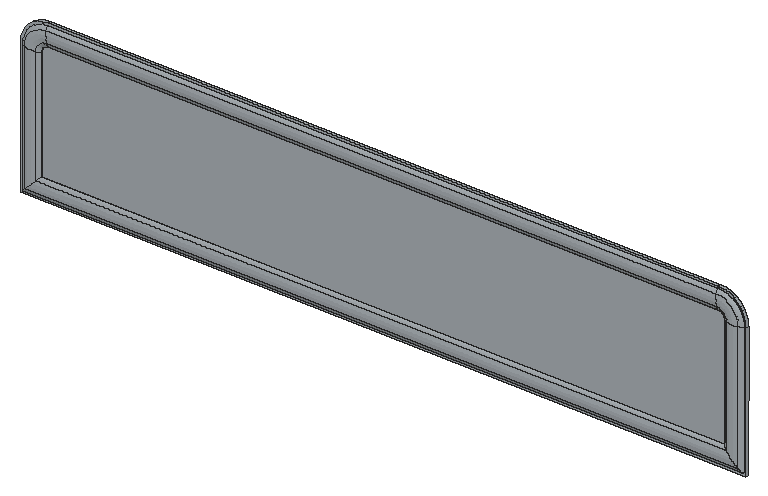
Revit family "Haworth_ActiveComponents_CenterScreen_NEW", category Furniture Systems, Revit 2015
Parameters (values of type "72w 17h")
  Width = 72"
  Warranty = "http://www.haworth.com/resources/product-info/warranties"
  URL - Product = "http://www.haworth.com/products/workspaces/accessories/active-components"
  URL = "http://www.haworth.com/"
  Size = "Verify Final Dim. w/ Haworth"  # constant formula
  Revision Number = "2"  # constant formula
  Model = "AUSR"  # constant formula
  Min. Width = 42"  # constant formula
  Max. Width = 72"  # constant formula
  Manufacturer = "Haworth"  # constant formula
  Fabric Finish [instance] = Haworth _ Fabric _ Class _ Light Cool Neutral
  Description = "Haworth - Active Components - Center Screen"  # constant formula
  Author = "Haworth (Bentzen, Alias)"  # constant formula
  Assembly Code = "E2020200"
  Actual Width = if(Width < Min. Width, Min. Width, if(Width > Max. Width, Max. Width, Width))  # 72"
  Actual Mounting Height = 25"
  Actual Height = 17"  # constant formula
  Actual Depth = 29/32"  # constant formula
Types (4): name | Width | Actual Width
  72w 17h | 72" | 72"
  60w 17h | 60" | 60"
  48w 17h | 48" | 48"
  42w 17h | 42" | 42"
Reference planes (in)
  plane 1: z = 0
  plane 2 "Left Edge": x = -30.8125
  plane 3 "Back": y = 7.13569
  plane 4 "Front": y = 6.22944
  plane 5 "Support Top": z = 42
  plane 6 "Center F/B": y = 6.68256
  plane 7 "Bottom Screen": z = 25
  plane 8 "Right Edge": x = 41.1875
  plane 9 "Center LR": x = 5.1875
Forms (in)
  Sweep 1, solid, material "Haworth _ Fabric _ Class _ Light Cool Neutral" <- "Fabric Finish"
    path origin (0, 0, 25) x (-1, 0, 0) y (0, -1, 0)
      loop
        line (-5.1875, -6.55756) -> (-5.1875, -6.80756)
    profile origin (5.1875, 6.68256, 25) x (-1, 0, 0) y (0, 0, 1)
      loop
        line (33.705, 2.30661) -> (33.705, 13.34868)
        arc (33.705, 13.34868) -> (33.52194, 13.79062) -> (33.08, 13.97368) r 0.625
        line (33.08, 13.97368) -> (-33.08, 13.97368)
        arc (-33.08, 13.97368) -> (-33.52194, 13.79062) -> (-33.705, 13.34868) r 0.625
        line (-33.705, 13.34868) -> (-33.705, 2.30661) -> (33.705, 2.30661)
  Sweep 2, solid, material "Haworth _ Fabric _ Class _ Light Cool Neutral" <- "Fabric Finish"
    path in 3D
      loop
        line (38.8925, 6.55756, 27.30661) -> (38.8925, 6.55756, 38.34868)
        arc (38.8925, 6.55756, 38.34868) -> (38.70944, 6.55756, 38.79062) -> (38.2675, 6.55756, 38.97368) r 0.625
        line (38.2675, 6.55756, 38.97368) -> (-27.8925, 6.55756, 38.97368)
        arc (-27.8925, 6.55756, 38.97368) -> (-28.33444, 6.55756, 38.79062) -> (-28.5175, 6.55756, 38.34868) r 0.625
        line (-28.5175, 6.55756, 38.34868) -> (-28.5175, 6.55756, 27.30661) -> (38.8925, 6.55756, 27.30661)
    profile origin (5.1875, 6.55756, 27.30661) x (0, -1, 0) y (0, 0, -1)
      loop
        line (0, 2.1379) -> (-0.25, 2.1379) -> (-0.25, 1.90667)
        arc (-0.25, 1.90667) -> (-0.41472, 1.73994) -> (-0.51166, 1.52656) r 0.66762
        arc (-0.51166, 1.52656) -> (-0.57818, 0.95464) -> (-0.49066, 0.38556) r 2.15173
        arc (-0.49066, 0.38556) -> (-0.39663, 0.17636) -> (-0.25, 0) r 0.84826
        line (-0.25, 0) -> (0, 0)
        arc (0, 0) -> (0.14663, 0.17636) -> (0.24066, 0.38556) r 0.84826
        arc (0.24066, 0.38556) -> (0.32818, 0.95464) -> (0.26166, 1.52656) r 2.15173
        arc (0.26166, 1.52656) -> (0.16472, 1.73994) -> (0, 1.90667) r 0.66762
        line (0, 1.90667) -> (0, 2.1379)
Lines and regions (in)
  Masking region 1
    outline origin (0, 0, 0) x (1, 0, 0) y (0, 1, 0)
      loop
        line (-30.8125, 7.13569) -> (-30.8125, 6.22944) -> (41.1875, 6.22944) -> (41.1875, 7.13569) -> (-30.8125, 7.13569)
  symbolic lines, style "Haworth Hidden", detail levels fine
    curve 1: line (-30.8125, 6.22944, 0) -> (-30.8125, 7.13569, 0)
  sketch lines
    curve 2: line (-28.5175, 6.55756, 27.30661) -> (38.8925, 6.55756, 27.30661)
    curve 3: line (38.8925, 6.55756, 27.30661) -> (38.8925, 6.55756, 38.34868)
    curve 4: line (-28.5175, 6.55756, 38.34868) -> (-28.5175, 6.55756, 27.30661)
    curve 5: arc (38.2675, 6.55756, 38.97368) -> (38.70944, 6.55756, 38.79062) -> (38.8925, 6.55756, 38.34868) r 0.625
    curve 6: line (38.2675, 6.55756, 38.97368) -> (-27.8925, 6.55756, 38.97368)
    curve 7: arc (-28.5175, 6.55756, 38.34868) -> (-28.33444, 6.55756, 38.79062) -> (-27.8925, 6.55756, 38.97368) r 0.625
Dimensions and locks (in)
  "Actual Depth": plane 3 "Back" to plane 4 "Front"
  equal spacing: plane 3 "Back", plane 6 "Center F/B", plane 4 "Front"
  "Actual Mounting Height": plane 7 "Bottom Screen" to level
  "Actual Height": plane 5 "Support Top" to plane 7 "Bottom Screen"
  "Actual Width": plane 2 "Left Edge" to plane 8 "Right Edge"
  equal spacing: plane 2 "Left Edge", plane 9 "Center LR", plane 8 "Right Edge"
  locked: plane 6 "Center F/B" to Sweep 1 sketch curve at 0.125
  locked: Sweep 1 sketch curve to plane 6 "Center F/B" at 0.125
  locked: plane 8 "Right Edge" to Sweep 1 sketch curve at 2.295
  locked: plane 2 "Left Edge" to Sweep 1 sketch curve at 2.295
  locked: Sweep 1 sketch curve to plane 7 "Bottom Screen" at 2.30661
  locked: plane 5 "Support Top" to Sweep 1 sketch curve at 3.02632
  aligned and locked: plane 8 "Right Edge" to Masking region 1
  aligned and locked: plane 9 "Center LR" to Sweep 1 sketch curve
  aligned and locked: profile plane to plane 7 "Bottom Screen"
  aligned and locked: profile plane to plane 9 "Center LR"
  aligned and locked: curve 1 to plane 2 "Left Edge"
  aligned and locked: plane 3 "Back" to Masking region 1
  aligned and locked: Masking region 1 to plane 4 "Front"
Automatic sketch dimensions
  curve 1 to plane 3 "Back" = 0"
  curve 1 to plane 4 "Front" = 0"
  Masking region 1 sketch curve to plane 2 "Left Edge" = 0"
  Masking region 1 sketch curve to plane 4 "Front" = 0"
  Masking region 1 sketch curve to plane 3 "Back" = 0"
  plane 8 "Right Edge" to Masking region 1 sketch curve = 0"
  Sweep 1 sketch curve to Sweep 1 sketch curve = 5/8"  (x2)
  Sweep 2 sketch curve to profile plane = 0"  (x2)
  Sweep 2 sketch curve to Sweep 2 sketch curve = 1/4"  (x2)
  profile plane to Sweep 2 sketch curve = 0.3852"
  profile plane to Sweep 2 sketch curve = 0.57296"
  Sweep 2 sketch curve to Sweep 2 sketch curve = 1.25023"  (x2)
  Sweep 2 sketch curve to profile plane = 0.1352"
  Sweep 2 sketch curve to profile plane = 0.32296"
  profile plane to Sweep 2 sketch curve = 0.62552"  (x2)
  profile plane to Sweep 2 sketch curve = 0.99424"  (x2)
  Sweep 2 sketch curve to Sweep 2 sketch curve = 0.73588"
  Sweep 2 sketch curve to Sweep 2 sketch curve = 0"  (x4)
  Sweep 2 sketch curve to Sweep 2 sketch curve = 0.54528"
  Sweep 2 sketch curve to Sweep 2 sketch curve = 0.23123"
  profile plane to Sweep 2 sketch curve = 0"
